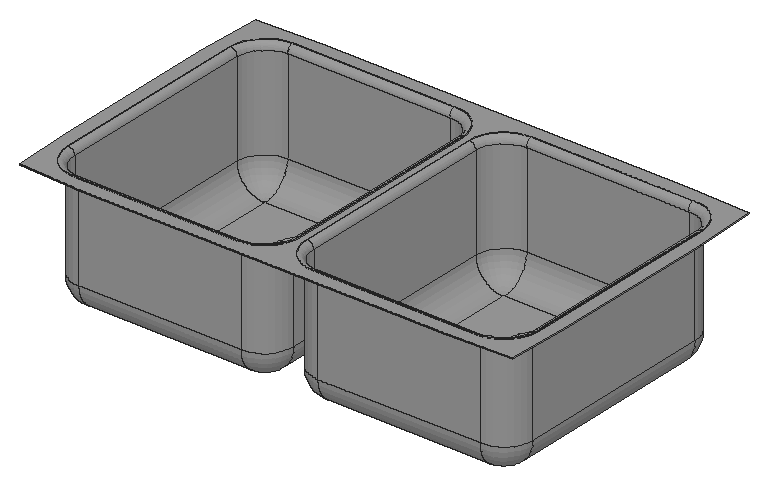
Revit family "equip-sink-undr-elkay-double-lustertone", category Plumbing Fixtures, Revit 2019
Family settings
  Round Connector Dimension = Use Radius
  Part Type = Normal
  OmniClass Number = 23.45.05.14.14.27
  OmniClass Title = Service Sinks
  Work Plane-Based = No
  Always vertical = Yes
  Cut with Voids When Loaded = No
  Shared = No
  Room Calculation Point = No
Parameters (values of type "ByType")
  URL = "www.elkayusa.com"
  Specification Sheet URL = ""
  Sink Width = 1' - 6 1/2"
  Sink Material = Metal - Steel - Stainless - Chrome
  Sink Length = 2' - 6 3/4"
  Sink Ledge Sides Width = 0' - 1 1/4"  # constant formula
  Sink Ledge Front Width = 0' - 1 1/4"  # constant formula
  Sink Ledge Back Width = 0' - 1 1/4"  # constant formula
  Sink Depth = 0' - 7 7/8"
  Sink Bowl Formula = ((Sink Length - Sink Ledge Sides Width - Sink Ledge Sides Width - Partition Width) / 2)  # 1' - 1 1/2"
  Sanitary Flow Rate = 10 GPM
  Partition Width = 0' - 1 1/4"  # constant formula
  OmniClass Title = "Service Sinks"
  OmniClass Code = "23.45.05.14.14.27"
  Nominal Radius = Nominal Dia / 2  # 0' - 0 3/4"
  Nominal Dia = 0' - 1 1/2"
  Model Number = ""
  Model = "Lustertone Undermount"
  Minimum Cabinet Width = ""
  MasterFormat Title = "Commercial Sinks"
  MasterFormat Number = "22.42.16.16"
  Manufacturer = "Elkay Manufacturing"
  Drain Location = 0' - 5"
  Description = "Lustertone Double Bowl Sink"
  Deep Specification Sheet URL = ""
  Date Created = "2011-04-10"
  Custom Bowl = CL Sink to CL Partition > 0' 0"  # no
  Custom Bowl Length = ((Sink Length - Sink Ledge Sides Width - Sink Ledge Sides Width - Partition Width) / 2) - CL Sink to CL Partition  # 1' - 1 1/2"
  CL Sink to CL Partition Hidden = if(Custom Bowl, CL Sink to CL Partition, 0' 0")  # 0' - 0"
  CL Sink to CL Partition = 0' - 0"
  Bowl Width = (Sink Width - Sink Ledge Front Width - Sink Ledge Back Width)  # 1' - 4"
  Bowl Length = ((Sink Length - Sink Ledge Sides Width - Sink Ledge Sides Width - Partition Width) / 2)  # 1' - 1 1/2"
  Left Bowl Length = if(Custom Bowl, Custom Bowl Length, Sink Bowl Formula)  # 1' - 1 1/2"
  Assembly Code = "D2010410"
Reference planes (in)
  plane 1 "CL Sink Hole": y = 3
  plane 2 "Top": z = 0
  plane 3 "Center (Left/Right)": x = 0
  plane 4 "Basin Edge Left": x = -14.125
  plane 5 "Basin Edge Right": x = 14.125
  plane 6 "Basin Edge Back": y = 8
  plane 7 "Basin Edge Front": y = -8
  plane 8 "Left": x = -15.375
  plane 9 "Right": x = 15.375
  plane 10 "Back": y = 9.25
  plane 11 "Front": y = -9.25
  plane 12 "Sink Angle Back Corner": y = 9.07923
  plane 13 "Sink Angle Right Corner": x = 15.20179
  plane 14 "Sink Angle Right": x = 11.25
  plane 15 "Sink Angle Back": y = 5.125
  plane 16 "Sink Angle Left": x = -11.25
  plane 17 "Sink Angle Left Corner": x = -15.20313
  plane 18 "Sink Angle Front Corner": y = -9.07813
  plane 19 "Sink Angle Front": y = -5.125
  plane 20 "Edge Opening Right": x = 14.54688
  plane 21 "Edge Opening Left": x = -14.54687
  plane 22 "Sink Bowl Bottom (Top Face)": z = -7.875
  plane 23 "Sink Top Piece Bottom Face": z = -0.0625
  plane 24 "Left Sink Bottom Piece Right Edge": x = -2.3125
  plane 25 "Top Radius Corner Prot": z = -0.42188
  plane 26: z = -6.1875
  plane 27 "Sink Bowl Bottom (Bottom Face)": z = -7.9375
  plane 28 "Left Sink Bottom Piece Left Edge": x = -12.4375
  plane 29 "Sink Bottom Piece Right Edge": x = 12.4375
  plane 30 "Sink Bottom Piece Back Edge": y = 6.3125
  plane 31 "Sink Bottom Piece Front Edge": y = -6.3125
  plane 32 "Center (Front/Back)": y = 0
  plane 33 "CL PARTITION": x = 0
  plane 34 "LEFT BOWL RIGHT EDGE": x = -0.625
  plane 35 "RIGHT BOWL LEFT EDGE": x = 0.625
  plane 36 "Sink Bottom Piece Left Edge": x = 2.3125
  plane 37 "Left Bowl CL Drain": x = -7.375
  plane 38 "Right Bowl CL Drain": x = 7.375
  plane 39 "Left Sink Top Right Radius Out Edge": x = -0.20312
  plane 40 "Edge Opening Front": y = -8.42188
  plane 41 "Right Sink Right Edge Radius": x = 12.375
  plane 42 "Front Edge Bottom Edge Radius": y = -6.25
  plane 43 "Right Sink Left Bottom Edge Radius": x = 2.375
  plane 44 "Back Edge Bottom Edge Radius": y = 6.25
  plane 45 "Middle Right Edge": x = 0.20312
  plane 46 "Edge Opening Back": y = 8.42187
  plane 47 "Left Bowl Right Edge Bottom Radius": x = -2.375
  plane 48 "Left Bowl Bottom Edge Radius": x = -12.375
  plane 49 "Masking Region": z = 1.25157
  plane 50 "Sink Drain Elev Bottom": z = -9.375
  plane 51 "Sink Drain Elev Top": z = -9.125
Forms (in)
  Extrusion 1, solid, material "Metal - Steel - Stainless - Chrome" <- "Sink Material"
    sketch origin (0, 0, 0) x (1, 0, 0) y (0, 1, 0)
      loop
        arc (-0.20312, 6.25) -> (-0.83925, 7.78575) -> (-2.375, 8.42187) r 2.17188
        line (-2.375, 8.42187) -> (-12.375, 8.42187)
        arc (-12.375, 8.42187) -> (-13.91075, 7.78575) -> (-14.54688, 6.25) r 2.17187
        line (-14.54688, 6.25) -> (-14.54688, -6.25)
        arc (-14.54688, -6.25) -> (-13.91075, -7.78575) -> (-12.375, -8.42188) r 2.17188
        line (-12.375, -8.42188) -> (-2.375, -8.42188)
        arc (-2.375, -8.42188) -> (-0.83925, -7.78575) -> (-0.20312, -6.25) r 2.17188
        line (-0.20312, -6.25) -> (-0.20312, 6.25)
      loop
        line (2.375, -8.42188) -> (12.375, -8.42188)
        arc (12.375, -8.42188) -> (13.91075, -7.78575) -> (14.54688, -6.25) r 2.17188
        line (14.54688, -6.25) -> (14.54688, 6.25)
        arc (14.54688, 6.25) -> (13.91075, 7.78575) -> (12.375, 8.42187) r 2.17188
        line (12.375, 8.42187) -> (2.375, 8.42187)
        arc (2.375, 8.42187) -> (0.83925, 7.78575) -> (0.20312, 6.25) r 2.17188
        line (0.20312, 6.25) -> (0.20312, -6.25)
        arc (0.20312, -6.25) -> (0.83925, -7.78575) -> (2.375, -8.42188) r 2.17188
      loop
        line (11.25, 9.25) -> (-11.25, 9.25) -> (-15.20313, 9.07923) -> (-15.375, 5.125) -> (-15.375, -5.125) -> (-15.20313, -9.07813) -> (-11.25, -9.25) -> (11.25, -9.25) -> (15.20179, -9.07813) -> (15.375, -5.125) -> (15.375, 5.125) -> (15.20179, 9.07923) -> (11.25, 9.25)
    from -0.0625 to 0
  Extrusion 2, solid, material "Metal - Steel - Stainless - Chrome" <- "Sink Material"
    sketch origin (0, 0, 0) x (1, 0, 0) y (0, 1, 0)
      loop
        arc (-12.375, 6.3125) -> (-12.41919, 6.29419) -> (-12.4375, 6.25) r 0.0625
        line (-12.4375, 6.25) -> (-12.4375, -6.25)
        arc (-12.4375, -6.25) -> (-12.41919, -6.29419) -> (-12.375, -6.3125) r 0.0625
        line (-12.375, -6.3125) -> (-2.375, -6.3125)
        arc (-2.375, -6.3125) -> (-2.33081, -6.29419) -> (-2.3125, -6.25) r 0.0625
        line (-2.3125, -6.25) -> (-2.3125, 6.25)
        arc (-2.3125, 6.25) -> (-2.33081, 6.29419) -> (-2.375, 6.3125) r 0.0625
        line (-2.375, 6.3125) -> (-12.375, 6.3125)
      loop
        circle (-7.375, 3) r 2.25
    from -7.9375 to -7.875
  Sweep 3, solid, material "Metal - Steel - Stainless - Chrome" <- "Sink Material"
    path origin (-14.75, 0, -7.875) x (-1, 0, 0) y (0, -1, 0)
      loop
        circle (-7.375, -3) r 2.25
    profile "profile-elkay-sink-hole-3 : profile-elkay-sink-hole-3" origin (-7.375, 0.75, -7.875) x (0, 1, 0) y (0, 0, 1)
      loop
        line (0.5, -0.29111) -> (0.15646, -0.13437)
        arc (0.15646, -0.13437) -> (0.14249, -0.12559) -> (0.13131, -0.11346) r 0.0625
        line (0.13131, -0.11346) -> (0.08817, -0.05226)
        arc (0.08817, -0.05226) -> (0.05064, -0.01507) -> (0, 0) r 0.1086
        line (0, 0) -> (0, -0.04618)
        arc (0, -0.04618) -> (0.02621, -0.05419) -> (0.04646, -0.07265) r 0.0625
        line (0.04646, -0.07265) -> (0.09341, -0.13969)
        arc (0.09341, -0.13969) -> (0.11294, -0.16097) -> (0.13739, -0.17634) r 0.1086
        line (0.13739, -0.17634) -> (0.5, -0.34178) -> (0.5, -0.29111)
  Extrusion 4, solid, material "Metal - Steel - Stainless - Chrome" <- "Sink Material"
    sketch origin (0, 0, 0) x (1, 0, 0) y (0, 1, 0)
      loop
        arc (2.375, 6.3125) -> (2.33081, 6.29419) -> (2.3125, 6.25) r 0.0625
        line (2.3125, 6.25) -> (2.3125, -6.25)
        arc (2.3125, -6.25) -> (2.33081, -6.29419) -> (2.375, -6.3125) r 0.0625
        line (2.375, -6.3125) -> (12.375, -6.3125)
        arc (12.375, -6.3125) -> (12.41919, -6.29419) -> (12.4375, -6.25) r 0.0625
        line (12.4375, -6.25) -> (12.4375, 6.25)
        arc (12.4375, 6.25) -> (12.41919, 6.29419) -> (12.375, 6.3125) r 0.0625
        line (12.375, 6.3125) -> (2.375, 6.3125)
      loop
        circle (7.375, 3) r 2.25
    from -7.9375 to -7.875
  Sweep 5, solid, material "Metal - Steel - Stainless - Chrome" <- "Sink Material"
    path origin (14.75, 0, -7.875) x (-1, 0, 0) y (0, -1, 0)
      loop
        circle (7.375, -3) r 2.25
    profile "profile-elkay-sink-hole-3 : profile-elkay-sink-hole-3" origin (7.375, 0.75, -7.875) x (0, 1, 0) y (0, 0, 1)
      loop
        line (0.5, -0.29111) -> (0.15646, -0.13437)
        arc (0.15646, -0.13437) -> (0.14249, -0.12559) -> (0.13131, -0.11346) r 0.0625
        line (0.13131, -0.11346) -> (0.08817, -0.05226)
        arc (0.08817, -0.05226) -> (0.05064, -0.01507) -> (0, 0) r 0.1086
        line (0, 0) -> (0, -0.04618)
        arc (0, -0.04618) -> (0.02621, -0.05419) -> (0.04646, -0.07265) r 0.0625
        line (0.04646, -0.07265) -> (0.09341, -0.13969)
        arc (0.09341, -0.13969) -> (0.11294, -0.16097) -> (0.13739, -0.17634) r 0.1086
        line (0.13739, -0.17634) -> (0.5, -0.34178) -> (0.5, -0.29111)
  Sweep 6, solid, material "Metal - Steel - Stainless - Chrome" <- "Sink Material"
    path origin (0, 0, 0) x (1, 0, 0) y (0, 1, 0)
      loop
        line (2.375, -8) -> (12.375, -8)
        arc (12.375, -8) -> (13.61244, -7.48744) -> (14.125, -6.25) r 1.75
        line (14.125, -6.25) -> (14.125, 6.25)
        arc (14.125, 6.25) -> (13.61244, 7.48744) -> (12.375, 8) r 1.75
        line (12.375, 8) -> (2.375, 8)
        arc (2.375, 8) -> (1.13756, 7.48744) -> (0.625, 6.25) r 1.75
        line (0.625, 6.25) -> (0.625, -6.25)
        arc (0.625, -6.25) -> (1.13756, -7.48744) -> (2.375, -8) r 1.75
    profile origin (7.375, -8, 0) x (0, 1, 0) y (0, 0, 1)
      loop
        arc (0, -0.42188) -> (-0.12356, -0.12356) -> (-0.42187, 0) r 0.42188
        line (-0.42187, 0) -> (-0.42187, -0.0625)
        arc (-0.42187, -0.0625) -> (-0.16776, -0.16776) -> (-0.0625, -0.42188) r 0.35938
        line (-0.0625, -0.42188) -> (-0.0625, -6.1875)
        arc (-0.0625, -6.1875) -> (0.45006, -7.42494) -> (1.6875, -7.9375) r 1.75
        line (1.6875, -7.9375) -> (1.6875, -7.875)
        arc (1.6875, -7.875) -> (0.49426, -7.38074) -> (0, -6.1875) r 1.6875
        line (0, -6.1875) -> (0, -0.42188)
  Sweep 7, solid, material "Metal - Steel - Stainless - Chrome" <- "Sink Material"
    path origin (0, 0, 0) x (1, 0, 0) y (0, 1, 0)
      loop
        line (-12.375, -8) -> (-2.375, -8)
        arc (-2.375, -8) -> (-1.13756, -7.48744) -> (-0.625, -6.25) r 1.75
        line (-0.625, -6.25) -> (-0.625, 6.25)
        arc (-0.625, 6.25) -> (-1.13756, 7.48744) -> (-2.375, 8) r 1.75
        line (-2.375, 8) -> (-12.375, 8)
        arc (-12.375, 8) -> (-13.61244, 7.48744) -> (-14.125, 6.25) r 1.75
        line (-14.125, 6.25) -> (-14.125, -6.25)
        arc (-14.125, -6.25) -> (-13.61244, -7.48744) -> (-12.375, -8) r 1.75
    profile origin (-7.375, -8, 0) x (0, 1, 0) y (0, 0, 1)
      loop
        arc (0, -0.42188) -> (-0.12356, -0.12356) -> (-0.42187, 0) r 0.42188
        line (-0.42187, 0) -> (-0.42187, -0.0625)
        arc (-0.42187, -0.0625) -> (-0.16776, -0.16776) -> (-0.0625, -0.42188) r 0.35938
        line (-0.0625, -0.42188) -> (-0.0625, -6.1875)
        arc (-0.0625, -6.1875) -> (0.45006, -7.42494) -> (1.6875, -7.9375) r 1.75
        line (1.6875, -7.9375) -> (1.6875, -7.875)
        arc (1.6875, -7.875) -> (0.49426, -7.38074) -> (0, -6.1875) r 1.6875
        line (0, -6.1875) -> (0, -0.42188)
  Extrusion 8, solid, material "Glass", not visible
    sketch origin (0, 0, -9.125) x (0, -1, 0) y (1, 0, 0)
      loop
        circle (-3, -7.375) r 0.75
    from 0 to -0.25
  Extrusion 9, solid, material "Glass", not visible
    sketch origin (0, 0, -9.125) x (0, -1, 0) y (1, 0, 0)
      loop
        circle (-3, 7.375) r 0.75
    from -0.25 to 0
Cuts and joins
  joined: Extrusion 2, Sweep 3, Sweep 7
  joined: Extrusion 4, Sweep 5, Sweep 6
Lines and regions (in)
  Masking region 1
    outline origin (0, 0, 1.25157) x (-1, 0, 0) y (0, -1, 0)
      loop
        arc (12.375, -8.42187) -> (13.91075, -7.78575) -> (14.54688, -6.25) r 2.17187
        line (14.54688, -6.25) -> (14.54688, 6.25)
        arc (14.54688, 6.25) -> (13.91075, 7.78575) -> (12.375, 8.42188) r 2.17188
        line (12.375, 8.42188) -> (-12.375, 8.42188)
        arc (-12.375, 8.42188) -> (-13.91075, 7.78575) -> (-14.54688, 6.25) r 2.17188
        line (-14.54688, 6.25) -> (-14.54688, -6.25)
        arc (-14.54688, -6.25) -> (-13.91075, -7.78575) -> (-12.375, -8.42187) r 2.17188
        line (-12.375, -8.42187) -> (12.375, -8.42187)
  reference lines, not visible
    curve 1: line (11.25, 9.25, 0) -> (15.20179, 9.07923, 0)
    curve 2: line (15.20179, 9.07923, 0) -> (15.375, 5.125, 0)
    curve 3: line (-11.25, 9.25, 0) -> (-15.20313, 9.07923, 0)
    curve 4: line (-15.20313, 9.07923, 0) -> (-15.375, 5.125, 0)
    curve 5: line (-15.375, -5.125, 0) -> (-15.20313, -9.07813, 0)
    curve 6: line (-15.20313, -9.07813, 0) -> (-11.25, -9.25, 0)
    curve 7: line (15.375, -5.125, 0) -> (15.20179, -9.07813, 0)
    curve 8: line (15.20179, -9.07813, 0) -> (11.25, -9.25, 0)
    curve 9: arc (-0.625, 3, -6.1875) -> (-1.11926, 3, -7.38074) -> (-2.3125, 3, -7.875) r 1.6875
    curve 10: arc (-14.125, 3, -6.1875) -> (-13.63074, 3, -7.38074) -> (-12.4375, 3, -7.875) r 1.6875
    curve 11: arc (-0.625, 3, -0.42188) -> (-0.50144, 3, -0.12356) -> (-0.20312, 3, 0) r 0.42188
    curve 12: arc (0, -6.3125, -7.875) -> (0, -7.50574, -7.38074) -> (0, -8, -6.1875) r 1.6875
    curve 13: arc (0, -8, -0.42188) -> (0, -8.12356, -0.12356) -> (0, -8.42188, 0) r 0.42188
    curve 14: arc (12.4375, 6.25, 0) -> (12.41919, 6.29419, 0) -> (12.375, 6.3125, 0) r 0.0625
    curve 15: arc (2.3125, 6.25, 0) -> (2.33081, 6.29419, 0) -> (2.375, 6.3125, 0) r 0.0625
    curve 16: arc (2.375, -6.3125, 0) -> (2.33081, -6.29419, 0) -> (2.3125, -6.25, 0) r 0.0625
    curve 17: arc (12.4375, -6.25, 0) -> (12.41919, -6.29419, 0) -> (12.375, -6.3125, 0) r 0.0625
    curve 18: arc (2.375, 8, 0) -> (1.13756, 7.48744, 0) -> (0.625, 6.25, 0) r 1.75
    curve 19: arc (14.125, 6.25, 0) -> (13.61244, 7.48744, 0) -> (12.375, 8, 0) r 1.75
    curve 20: arc (14.125, -6.25, 0) -> (13.61244, -7.48744, 0) -> (12.375, -8, 0) r 1.75
    curve 21: arc (2.375, -8, 0) -> (1.13756, -7.48744, 0) -> (0.625, -6.25, 0) r 1.75
    curve 23: arc (0.20312, 6.25, 0) -> (0.83925, 7.78575, 0) -> (2.375, 8.42187, 0) r 2.17188
    curve 24: arc (0.20312, -6.25, 0) -> (0.83925, -7.78575, 0) -> (2.375, -8.42188, 0) r 2.17188
    curve 25: arc (-2.3125, -6.25, 0) -> (-2.33081, -6.29419, 0) -> (-2.375, -6.3125, 0) r 0.0625
    curve 26: arc (-0.20312, -6.25, 0) -> (-0.83925, -7.78575, 0) -> (-2.375, -8.42188, 0) r 2.17188
    curve 28: arc (-12.375, -6.3125, 0) -> (-12.41919, -6.29419, 0) -> (-12.4375, -6.25, 0) r 0.0625
    curve 29: arc (-12.375, 6.3125, 0) -> (-12.41919, 6.29419, 0) -> (-12.4375, 6.25, 0) r 0.0625
    curve 31: arc (-2.375, 6.3125, 0) -> (-2.33081, 6.29419, 0) -> (-2.3125, 6.25, 0) r 0.0625
    curve 32: arc (-0.20312, 6.25, 0) -> (-0.83925, 7.78575, 0) -> (-2.375, 8.42187, 0) r 2.17188
    curve 34: arc (-2.375, 8, 0) -> (-1.13756, 7.48744, 0) -> (-0.625, 6.25, 0) r 1.75
    curve 35: arc (-12.375, 8, 0) -> (-13.61244, 7.48744, 0) -> (-14.125, 6.25, 0) r 1.75
    curve 36: arc (-14.125, -6.25, 0) -> (-13.61244, -7.48744, 0) -> (-12.375, -8, 0) r 1.75
    curve 37: arc (-0.625, -6.25, 0) -> (-1.13756, -7.48744, 0) -> (-2.375, -8, 0) r 1.75
    curve 54: circle (-7.375, 3, 0) r 2.25 normal (0, 0, 1)
    curve 55: circle (-7.375, 3, 0) r 1.75 normal (0, 0, 1)
    curve 58: circle (7.375, 3, 0) r 1.75 normal (0, 0, 1)
    curve 59: circle (7.375, 3, 0) r 2.25 normal (0, 0, 1)
    curve 62: circle (-7.375, 3, -9.375) r 0.75 normal (0, 0, 1)
    curve 63: circle (7.375, 3, -9.375) r 0.75 normal (0, 0, 1)
  reference lines
    curve 22: arc (14.54688, 6.25, 0) -> (13.91075, 7.78575, 0) -> (12.375, 8.42187, 0) r 2.17188
    curve 27: arc (-12.375, -8.42188, 0) -> (-13.91075, -7.78575, 0) -> (-14.54688, -6.25, 0) r 2.17188
    curve 30: arc (-12.375, 8.42187, 0) -> (-13.91075, 7.78575, 0) -> (-14.54688, 6.25, 0) r 2.17187
    curve 33: arc (14.54688, -6.25, 0) -> (13.91075, -7.78575, 0) -> (12.375, -8.42188, 0) r 2.17188
  symbolic lines, style "Sinks"
    curve 38: line (-12.375, 8, 1.25157) -> (-2.375, 8, 1.25157)
    curve 39: line (-0.625, 6.25, 1.25157) -> (-0.625, -6.25, 1.25157)
    curve 40: line (0.625, 6.25, 1.25157) -> (0.625, -6.25, 1.25157)
    curve 41: line (14.125, 6.25, 1.25157) -> (14.125, -6.25, 1.25157)
    curve 42: line (-12.375, -8, 1.25157) -> (-2.375, -8, 1.25157)
    curve 43: line (-14.125, 6.25, 1.25157) -> (-14.125, -6.25, 1.25157)
    curve 44: arc (-14.125, -6.25, 1.25157) -> (-13.61244, -7.48744, 1.25157) -> (-12.375, -8, 1.25157) r 1.75
    curve 45: arc (-0.625, -6.25, 1.25157) -> (-1.13756, -7.48744, 1.25157) -> (-2.375, -8, 1.25157) r 1.75
    curve 46: arc (2.375, -8, 1.25157) -> (1.13756, -7.48744, 1.25157) -> (0.625, -6.25, 1.25157) r 1.75
    curve 47: arc (14.125, -6.25, 1.25157) -> (13.61244, -7.48744, 1.25157) -> (12.375, -8, 1.25157) r 1.75
    curve 48: arc (14.125, 6.25, 1.25157) -> (13.61244, 7.48744, 1.25157) -> (12.375, 8, 1.25157) r 1.75
    curve 49: arc (2.375, 8, 1.25157) -> (1.13756, 7.48744, 1.25157) -> (0.625, 6.25, 1.25157) r 1.75
    curve 50: arc (-2.375, 8, 1.25157) -> (-1.13756, 7.48744, 1.25157) -> (-0.625, 6.25, 1.25157) r 1.75
    curve 51: line (2.375, 8, 1.25157) -> (12.375, 8, 1.25157)
    curve 52: line (2.375, -8, 1.25157) -> (12.375, -8, 1.25157)
    curve 53: arc (-12.375, 8, 1.25157) -> (-13.61244, 7.48744, 1.25157) -> (-14.125, 6.25, 1.25157) r 1.75
    curve 56: circle (-7.375, 3, 1.25157) r 1.75 normal (0, 0, 1)
    curve 57: circle (-7.375, 3, 1.25157) r 2.25 normal (0, 0, 1)
    curve 60: circle (7.375, 3, 1.25157) r 1.75 normal (0, 0, 1)
    curve 61: circle (7.375, 3, 1.25157) r 2.25 normal (0, 0, 1)
Dimensions and locks (in)
  "Sink Ledge Sides Width": plane 8 "Left" to plane 4 "Basin Edge Left"
  "Sink Ledge Sides Width": plane 5 "Basin Edge Right" to plane 9 "Right"
  "Sink Length": plane 8 "Left" to plane 9 "Right"
  "Drain Location": plane 6 "Basin Edge Back" to plane 1 "CL Sink Hole"
  "Sink Ledge Back Width": plane 10 "Back" to plane 6 "Basin Edge Back"
  "Sink Ledge Front Width": plane 7 "Basin Edge Front" to plane 11 "Front"
  locked: plane 13 "Sink Angle Right Corner" to plane 9 "Right" at 0.17321
  locked: plane 10 "Back" to plane 12 "Sink Angle Back Corner" at 0.17077
  locked: plane 14 "Sink Angle Right" to plane 9 "Right" at 4.125
  locked: plane 10 "Back" to plane 15 "Sink Angle Back" at 4.125
  locked: plane 8 "Left" to plane 17 "Sink Angle Left Corner" at 0.17187
  locked: plane 8 "Left" to plane 16 "Sink Angle Left" at 4.125
  locked: plane 18 "Sink Angle Front Corner" to plane 11 "Front" at 0.17187
  locked: plane 19 "Sink Angle Front" to plane 11 "Front" at 4.125
  "Sink Width": plane 10 "Back" to plane 11 "Front"
  locked: plane 21 "Edge Opening Left" to plane 4 "Basin Edge Left" at 0.42188
  locked: plane 31 "Sink Bottom Piece Front Edge" to plane 7 "Basin Edge Front" at 1.6875
  locked: plane 4 "Basin Edge Left" to plane 28 "Left Sink Bottom Piece Left Edge" at 1.6875
  locked: plane 29 "Sink Bottom Piece Right Edge" to plane 5 "Basin Edge Right" at 1.6875
  locked: plane 6 "Basin Edge Back" to plane 30 "Sink Bottom Piece Back Edge" at 1.6875
  locked: plane 5 "Basin Edge Right" to plane 20 "Edge Opening Right" at 0.42188
  equal spacing: plane 10 "Back", plane 32 "Center (Front/Back)", plane 11 "Front"
  locked: plane 24 "Left Sink Bottom Piece Right Edge" to plane 34 "LEFT BOWL RIGHT EDGE" at 1.6875
  locked: plane 35 "RIGHT BOWL LEFT EDGE" to plane 36 "Sink Bottom Piece Left Edge" at 1.6875
  equal spacing: plane 8 "Left", plane 3 "Center (Left/Right)", plane 9 "Right"
  equal spacing: plane 4 "Basin Edge Left", plane 37 "Left Bowl CL Drain", plane 34 "LEFT BOWL RIGHT EDGE"
  equal spacing: plane 35 "RIGHT BOWL LEFT EDGE", plane 38 "Right Bowl CL Drain", plane 5 "Basin Edge Right"
  "CL Sink to CL Partition Hidden": plane 33 "CL PARTITION" to plane 3 "Center (Left/Right)"
  "Partition Width": plane 34 "LEFT BOWL RIGHT EDGE" to plane 35 "RIGHT BOWL LEFT EDGE"
  equal spacing: plane 34 "LEFT BOWL RIGHT EDGE", plane 33 "CL PARTITION", plane 35 "RIGHT BOWL LEFT EDGE"
  locked: plane 34 "LEFT BOWL RIGHT EDGE" to plane 39 "Left Sink Top Right Radius Out Edge" at 0.42188
  locked: plane 41 "Right Sink Right Edge Radius" to plane 29 "Sink Bottom Piece Right Edge" at 0.0625
  locked: plane 42 "Front Edge Bottom Edge Radius" to plane 31 "Sink Bottom Piece Front Edge" at 0.0625
  locked: plane 36 "Sink Bottom Piece Left Edge" to plane 43 "Right Sink Left Bottom Edge Radius" at 0.0625
  locked: plane 30 "Sink Bottom Piece Back Edge" to plane 44 "Back Edge Bottom Edge Radius" at 0.0625
  locked: plane 45 "Middle Right Edge" to plane 35 "RIGHT BOWL LEFT EDGE" at 0.42188
  locked: plane 46 "Edge Opening Back" to plane 6 "Basin Edge Back" at 0.42188
  locked: plane 7 "Basin Edge Front" to plane 40 "Edge Opening Front" at 0.42187
  locked: plane 47 "Left Bowl Right Edge Bottom Radius" to plane 24 "Left Sink Bottom Piece Right Edge" at 0.0625
  locked: plane 28 "Left Sink Bottom Piece Left Edge" to plane 48 "Left Bowl Bottom Edge Radius" at 0.0625
  "Sink Depth": plane 2 "Top" to plane 22 "Sink Bowl Bottom (Top Face)"
  locked: plane 2 "Top" to plane 25 "Top Radius Corner Prot" at 0.42188
  locked: plane 2 "Top" to plane 23 "Sink Top Piece Bottom Face" at 0.0625
  locked: plane 26 to plane 22 "Sink Bowl Bottom (Top Face)" at 1.6875
  locked: plane 22 "Sink Bowl Bottom (Top Face)" to plane 27 "Sink Bowl Bottom (Bottom Face)" at 0.0625
  locked: plane 49 "Masking Region" to plane 2 "Top" at 1.25157
  locked: plane 22 "Sink Bowl Bottom (Top Face)" to plane 50 "Sink Drain Elev Bottom" at 1.5
  locked: plane 51 "Sink Drain Elev Top" to plane 50 "Sink Drain Elev Bottom" at 0.25
  "Nominal Radius": radius of curve 62
  "Nominal Radius": radius of curve 63
  aligned: Extrusion 1 to plane 23 "Sink Top Piece Bottom Face"
  aligned and locked: Extrusion 2 to plane 27 "Sink Bowl Bottom (Bottom Face)"
  aligned and locked: plane 22 "Sink Bowl Bottom (Top Face)" to Extrusion 2
  aligned: Extrusion 4 to plane 22 "Sink Bowl Bottom (Top Face)"
  aligned and locked: Extrusion 4 to plane 27 "Sink Bowl Bottom (Bottom Face)"
  aligned and locked: plane 22 "Sink Bowl Bottom (Top Face)" to Extrusion 4
  aligned and locked: Extrusion 4 sketch curve to curve 17
  aligned and locked: Extrusion 4 sketch curve to curve 14
  aligned and locked: Extrusion 4 sketch curve to curve 15
  aligned and locked: Extrusion 4 sketch curve to curve 16
  aligned and locked: Sweep 6 sketch curve to curve 18
  aligned and locked: Sweep 6 sketch curve to curve 19
  aligned and locked: Sweep 6 sketch curve to curve 20
  aligned and locked: Sweep 6 sketch curve to curve 21
  aligned and locked: Sweep 6 sketch curve to curve 13
  aligned and locked: Sweep 6 sketch curve to curve 12
  aligned and locked: Extrusion 1 sketch curve to curve 32
  aligned and locked: Extrusion 1 sketch curve to curve 23
  aligned and locked: Extrusion 1 sketch curve to curve 30
  aligned and locked: Extrusion 1 sketch curve to curve 27
  aligned and locked: Extrusion 1 sketch curve to curve 26
  aligned and locked: Extrusion 1 sketch curve to curve 24
  aligned and locked: Extrusion 1 sketch curve to curve 22
  aligned and locked: Extrusion 1 sketch curve to curve 33
  aligned and locked: Extrusion 2 sketch curve to curve 29
  aligned and locked: Extrusion 2 sketch curve to curve 31
  aligned and locked: Extrusion 2 sketch curve to curve 25
  aligned and locked: Extrusion 2 sketch curve to curve 28
  aligned and locked: Sweep 7 sketch curve to curve 34
  aligned and locked: Sweep 7 sketch curve to curve 37
  aligned and locked: Sweep 7 sketch curve to curve 36
  aligned and locked: Sweep 7 sketch curve to curve 35
  aligned and locked: Sweep 7 sketch curve to curve 13
  aligned and locked: Sweep 7 sketch curve to curve 12
  aligned and locked: Sweep 7 sketch curve to plane 40 "Edge Opening Front"
  aligned and locked: Sweep 7 sketch curve to plane 31 "Sink Bottom Piece Front Edge"
  aligned and locked: Extrusion 1 sketch curve to curve 1
  aligned and locked: Extrusion 1 sketch curve to curve 2
  aligned and locked: Extrusion 1 sketch curve to plane 9 "Right"
  aligned and locked: Extrusion 1 sketch curve to plane 10 "Back"
  aligned and locked: Extrusion 1 sketch curve to curve 3
  aligned and locked: Extrusion 1 sketch curve to curve 4
  aligned and locked: Extrusion 1 sketch curve to plane 8 "Left"
  aligned and locked: Extrusion 1 sketch curve to plane 11 "Front"
  aligned and locked: Extrusion 1 sketch curve to curve 5
  aligned and locked: Extrusion 1 sketch curve to curve 6
  aligned and locked: Extrusion 1 sketch curve to curve 7
  aligned and locked: Extrusion 1 sketch curve to curve 8
  aligned and locked: Masking region 1 sketch curve to curve 27
  aligned and locked: Masking region 1 sketch curve to curve 30
  aligned and locked: Masking region 1 sketch curve to curve 22
  aligned and locked: Masking region 1 sketch curve to curve 33
  aligned and locked: plane 2 "Top" to Extrusion 1
  aligned and locked: Extrusion 1 to plane 23 "Sink Top Piece Bottom Face"
  aligned and locked: curve 44 to curve 36
  aligned and locked: curve 45 to curve 37
  aligned and locked: curve 46 to curve 21
  aligned and locked: curve 47 to curve 20
  aligned and locked: curve 48 to curve 19
  aligned and locked: curve 49 to curve 18
  aligned and locked: curve 50 to curve 34
  aligned and locked: curve 53 to curve 35
  aligned and locked: Sweep 3 sketch curve to curve 54
  aligned and locked: Extrusion 2 sketch curve to curve 54
  aligned and locked: curve 56 to curve 55
  aligned and locked: curve 57 to curve 54
  aligned and locked: Sweep 5 sketch curve to curve 59
  aligned and locked: Extrusion 4 sketch curve to curve 59
  aligned and locked: curve 60 to curve 58
  aligned and locked: curve 61 to curve 59
  aligned and locked: Extrusion 8 to plane 50 "Sink Drain Elev Bottom"
  aligned and locked: plane 51 "Sink Drain Elev Top" to Extrusion 8
  aligned and locked: Extrusion 9 sketch curve to curve 63
  aligned and locked: Extrusion 9 to plane 50 "Sink Drain Elev Bottom"
  aligned and locked: plane 51 "Sink Drain Elev Top" to Extrusion 9
Automatic sketch dimensions
  curve 10 to plane 4 "Basin Edge Left" = 0' - 0"
  curve 10 to plane 26 = 0' - 0"
  curve 10 to plane 28 "Left Sink Bottom Piece Left Edge" = 0' - 0"
  curve 9 to plane 22 "Sink Bowl Bottom (Top Face)" = 0' - 0"
  curve 9 to plane 24 "Left Sink Bottom Piece Right Edge" = 0' - 0"
  curve 11 to plane 25 "Top Radius Corner Prot" = 0' - 0"
  curve 11 to plane 34 "LEFT BOWL RIGHT EDGE" = 0' - 0"
  curve 9 to plane 26 = 0' - 0"
  curve 11 to plane 39 "Left Sink Top Right Radius Out Edge" = 0' - 0"
  curve 13 to plane 25 "Top Radius Corner Prot" = 0' - 0"
  curve 13 to plane 40 "Edge Opening Front" = 0' - 0"
  curve 12 to plane 7 "Basin Edge Front" = 0' - 0"
  curve 13 to plane 7 "Basin Edge Front" = 0' - 0"
  curve 12 to plane 22 "Sink Bowl Bottom (Top Face)" = 0' - 0"
  curve 12 to plane 31 "Sink Bottom Piece Front Edge" = 0' - 0"
  Sweep 6 sketch curve to Sweep 6 sketch curve = 0' - 0"  (x2)
  Sweep 6 sketch curve to Sweep 6 sketch curve = 0' - 0 1/16"
  Sweep 7 sketch curve to Sweep 7 sketch curve = 0' - 0"  (x2)
  profile plane to Sweep 7 sketch curve = 0' - 0 1/16"
  curve 14 to curve 19 = 0' - 0"
  curve 14 to curve 22 = 0' - 0"  (x2)
  curve 15 to curve 18 = 0' - 0"  (x2)
  curve 15 to curve 23 = 0' - 0"  (x2)
  curve 16 to curve 21 = 0' - 0"  (x2)
  curve 16 to curve 24 = 0' - 0"  (x2)
  curve 17 to curve 20 = 0' - 0"  (x2)
  curve 17 to curve 33 = 0' - 0"  (x2)
  curve 19 to curve 22 = 0' - 0"
  curve 25 to curve 26 = 0' - 0"  (x2)
  curve 25 to curve 37 = 0' - 0"  (x2)
  curve 27 to curve 28 = 0' - 0"  (x2)
  curve 27 to curve 36 = 0' - 0"  (x2)
  curve 29 to curve 30 = 0' - 0"  (x2)
  curve 29 to curve 35 = 0' - 0"  (x2)
  curve 31 to curve 32 = 0' - 0"  (x2)
  curve 31 to curve 34 = 0' - 0"  (x2)
  curve 54 to curve 55 = 0' - 0"  (x2)
  curve 58 to curve 59 = 0' - 0"  (x2)
  curve 5 to plane 8 "Left" = 0' - 0"
  curve 4 to plane 8 "Left" = 0' - 0"
  curve 5 to plane 17 "Sink Angle Left Corner" = 0' - 0"
  curve 3 to plane 12 "Sink Angle Back Corner" = 0' - 0"
  curve 3 to plane 17 "Sink Angle Left Corner" = 0' - 0"
  curve 27 to plane 21 "Edge Opening Left" = 0' - 0"
  curve 30 to plane 21 "Edge Opening Left" = 0' - 0"
  curve 35 to plane 4 "Basin Edge Left" = 0' - 0"
  curve 36 to plane 4 "Basin Edge Left" = 0' - 0"
  curve 29 to plane 28 "Left Sink Bottom Piece Left Edge" = 0' - 0"
  curve 28 to plane 28 "Left Sink Bottom Piece Left Edge" = 0' - 0"
  plane 44 "Back Edge Bottom Edge Radius" to curve 29 = 0' - 0"
  curve 29 to plane 48 "Left Bowl Bottom Edge Radius" = 0' - 0"
  plane 42 "Front Edge Bottom Edge Radius" to curve 27 = 0' - 0"
  curve 27 to plane 48 "Left Bowl Bottom Edge Radius" = 0' - 0"
  curve 3 to plane 10 "Back" = 0' - 0"
  curve 3 to plane 16 "Sink Angle Left" = 0' - 0"
  curve 6 to plane 11 "Front" = 0' - 0"
  curve 6 to plane 16 "Sink Angle Left" = 0' - 0"
  plane 1 "CL Sink Hole" to curve 55 = 0' - 0"
  curve 55 to plane 37 "Left Bowl CL Drain" = 0' - 0"
  curve 32 to plane 46 "Edge Opening Back" = 0' - 0"
  curve 32 to plane 47 "Left Bowl Right Edge Bottom Radius" = 0' - 0"
  curve 37 to plane 7 "Basin Edge Front" = 0' - 0"
  curve 37 to plane 47 "Left Bowl Right Edge Bottom Radius" = 0' - 0"
  curve 25 to plane 24 "Left Sink Bottom Piece Right Edge" = 0' - 0"
  curve 31 to plane 24 "Left Sink Bottom Piece Right Edge" = 0' - 0"
  curve 37 to plane 34 "LEFT BOWL RIGHT EDGE" = 0' - 0"
  curve 34 to plane 34 "LEFT BOWL RIGHT EDGE" = 0' - 0"
  curve 26 to plane 39 "Left Sink Top Right Radius Out Edge" = 0' - 0"
  curve 32 to plane 39 "Left Sink Top Right Radius Out Edge" = 0' - 0"
  plane 42 "Front Edge Bottom Edge Radius" to curve 24 = 0' - 0"
  curve 24 to plane 45 "Middle Right Edge" = 0' - 0"
  plane 44 "Back Edge Bottom Edge Radius" to curve 23 = 0' - 0"
  curve 23 to plane 45 "Middle Right Edge" = 0' - 0"
  curve 21 to plane 35 "RIGHT BOWL LEFT EDGE" = 0' - 0"
  curve 18 to plane 35 "RIGHT BOWL LEFT EDGE" = 0' - 0"
  curve 15 to plane 36 "Sink Bottom Piece Left Edge" = 0' - 0"
  curve 16 to plane 36 "Sink Bottom Piece Left Edge" = 0' - 0"
  curve 23 to plane 43 "Right Sink Left Bottom Edge Radius" = 0' - 0"
  curve 24 to plane 43 "Right Sink Left Bottom Edge Radius" = 0' - 0"
  plane 1 "CL Sink Hole" to curve 59 = 0' - 0"
  curve 59 to plane 38 "Right Bowl CL Drain" = 0' - 0"
  curve 8 to plane 11 "Front" = 0' - 0"
  curve 8 to plane 14 "Sink Angle Right" = 0' - 0"
  curve 1 to plane 10 "Back" = 0' - 0"
  curve 1 to plane 14 "Sink Angle Right" = 0' - 0"
  curve 20 to plane 41 "Right Sink Right Edge Radius" = 0' - 0"
  curve 19 to plane 6 "Basin Edge Back" = 0' - 0"
  curve 19 to plane 41 "Right Sink Right Edge Radius" = 0' - 0"
  curve 14 to plane 29 "Sink Bottom Piece Right Edge" = 0' - 0"
  curve 17 to plane 29 "Sink Bottom Piece Right Edge" = 0' - 0"
  curve 20 to plane 5 "Basin Edge Right" = 0' - 0"
  curve 19 to plane 5 "Basin Edge Right" = 0' - 0"
  curve 33 to plane 20 "Edge Opening Right" = 0' - 0"
  curve 22 to plane 20 "Edge Opening Right" = 0' - 0"
  curve 2 to plane 12 "Sink Angle Back Corner" = 0' - 0"
  curve 2 to plane 13 "Sink Angle Right Corner" = 0' - 0"
  curve 7 to plane 13 "Sink Angle Right Corner" = 0' - 0"
  curve 7 to plane 9 "Right" = 0' - 0"
  curve 2 to plane 9 "Right" = 0' - 0"
  curve 7 to plane 18 "Sink Angle Front Corner" = 0' - 0"
  curve 6 to plane 18 "Sink Angle Front Corner" = 0' - 0"
  curve 33 to plane 40 "Edge Opening Front" = 0' - 0"
  curve 5 to plane 19 "Sink Angle Front" = 0' - 0"
  curve 7 to plane 19 "Sink Angle Front" = 0' - 0"
  curve 4 to plane 15 "Sink Angle Back" = 0' - 0"
  curve 2 to plane 15 "Sink Angle Back" = 0' - 0"
  plane 1 "CL Sink Hole" to Extrusion 8 sketch curve = 0' - 0"
  Extrusion 8 sketch curve to plane 37 "Left Bowl CL Drain" = 0' - 0"
  plane 1 "CL Sink Hole" to curve 63 = 0' - 0"
  plane 1 "CL Sink Hole" to curve 62 = 0' - 0"
  curve 62 to plane 37 "Left Bowl CL Drain" = 0' - 0"
  curve 63 to plane 38 "Right Bowl CL Drain" = 0' - 0"
  radius of curve 54 = 0' - 2 1/4"
  radius of curve 55 = 0' - 1 3/4"
  radius of curve 58 = 0' - 1 3/4"
  radius of curve 59 = 0' - 2 1/4"
  radius of Extrusion 8 sketch curve = 0' - 0 3/4"
Connectors (in)
  piping at (-7.375, 3, -9.125), diameter 1.5, driven by "Nominal Radius", driven by "Sanitary Flow Rate"
    settings: on Extrusion 8, index 1, connector inside diameter 1 1/2", connector length 0' - 0", flow factor 0, pipe flow 10 GPM, pressure drop 0.00 psi, fitting loss kfactor 0, connector angle 0.00°, fixture units 0, engagement length 0' - 0", angle of deflection 0.00°, flow configuration 1, flow direction 2, fitting loss method 0, system type 16, joint type 0, gender type 0, connector reference index -1, connector utility 0, adjustable connector yes, is connector primary no, connector description "Sink Drain Left"
  piping at (7.375, 3, -9.125), diameter 1.5, driven by "Nominal Radius", driven by "Sanitary Flow Rate"
    settings: on Extrusion 9, index 2, connector inside diameter 1 1/2", connector length 0' - 0", flow factor 0, pipe flow 10 GPM, pressure drop 0.00 psi, fitting loss kfactor 0, connector angle 0.00°, fixture units 0, engagement length 0' - 0", angle of deflection 0.00°, flow configuration 1, flow direction 2, fitting loss method 0, system type 16, joint type 0, gender type 0, connector reference index -1, connector utility 0, adjustable connector yes, is connector primary yes, connector description "Sink Drain Right"
